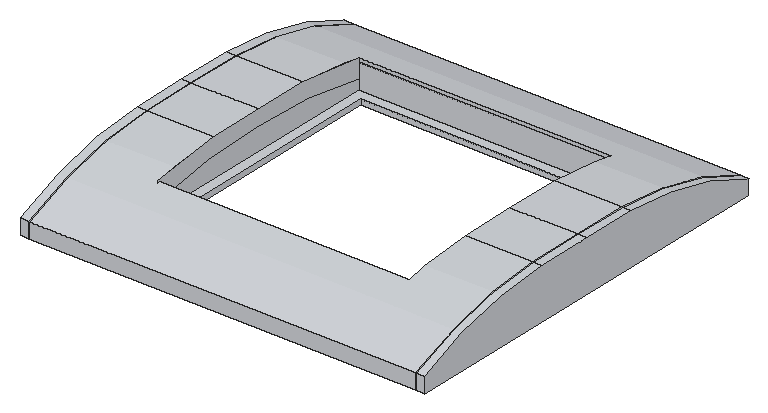
Revit family "Gira_0211776", category Electrical Fixtures, host Face, Revit 2017
Family settings
  Host = Face
  Maintain Annotation Orientation = No
  Round Connector Dimension = Use Diameter
  Part Type = Normal
  Cut with Voids When Loaded = No
  Shared = No
  Room Calculation Point = No
Parameters (values of type "Cov.fr. 1-g interm.fr. CAl Gira Event Clear sand")
  With mounting grid = "No"
  With hinged lid = "No"
  URL = "http://katalog.gira.de/en/datenblatt.html?artikelnr=0211776"
  Type of fastening = "Clamp mounting"
  Transparent = "No"
  Surface protection = "Other"
  Surface finishing = "Glossy"
  Suitable for wall duct = "No"
  Suitable for flush-mounted installation = "Yes"
  Suitable for floor box = "No"
  Suitable for built-in installation = "No"
  Number of units vertical = "1"
  Number of units horizontal = "1"
  Number of units = "1"
  Name = "Cov.fr. 1-g interm.fr. CAl Gira Event Clear sand"
  Mounting direction = "Horizontal and vertical"
  Material quality = "Thermoplastic"
  Material = "Plastic"
  Manufacturer URL = "https://www.gira.de/"
  Manufacturer = "Gira"
  Label space/information surface = "No"
  Keynote = ""
  HeinzeBIM = "https://bimportal.heinze.de/bim/cov-fr-1-g-interm-fr-cal-gira-event-clear-sand/8b583d1d6b46d16fd78e445f7182f01db4f3fb58"
  Halogen free = "Yes"
  HAN = "0211776"
  GTIN = "4010337069591"
  Description = "Cov.fr.1g i.fr.CAl EvCl SD,Gira Event Clear cover frame,sand with colour aluminium intermediate frame,1-gang,Features:,- Shatter-proof."
  Degree of protection (IP) = "IP20"
  Default Elevation = 1219.2 mm
  Data sheet (1) = "https://katalog.gira.de/en/download.html?artikelnr=0211776"
  Colour = "Other"
  Category = "Cover frame for domestic switching devices"
  BIM (1) = "https://media.stage.bim.site/public/gira/36a6b08/Event_Rahmen_1fach.rfa"
  Available = "No"
Reference planes
  plane 1 "Center (Front/Back)": y = 0
  plane 2: z = 0
  plane 3 "Center (Left/Right)": x = 0
Forms (mm)
  Extrusion 1, solid, detail levels fine
    sketch origin (0, 0, 1.55) x (0, 1, 0) y (0, 0, 1)
      loop
        arc (12.445, 9.683) -> (6.223, 9.833) -> (0, 9.85) r 291.636
        arc (0, 9.85) -> (-6.223, 9.833) -> (-12.445, 9.683) r 291.636
        arc (-12.445, 9.683) -> (-29.14, 7.482) -> (-45, 1.823) r 79.728
        line (-45, 1.823) -> (-45, -1.55) -> (-41.777, -1.55) -> (-41.777, -0.55)
        arc (-41.777, -0.55) -> (-21.205, 4.846) -> (0, 6.467) r 118.15
        arc (0, 6.467) -> (21.205, 4.846) -> (41.777, -0.55) r 118.15
        line (41.777, -0.55) -> (41.777, -1.55) -> (45, -1.55) -> (45, 1.823)
        arc (45, 1.823) -> (29.14, 7.482) -> (12.445, 9.683) r 79.728
    from -43 to 43
  Extrusion 2, void, detail levels fine
    sketch origin (0, 0, 0) x (1, 0, 0) y (0, 1, 0)
      loop
        line (-28, -28) -> (28, -28) -> (28, 28) -> (-28, 28) -> (-28, -28)
    from 2.85 to 12
  Extrusion 3, solid, detail levels coarse
    sketch origin (0, 0, 0) x (1, 0, 0) y (0, 1, 0)
      loop
        line (-45, 45) -> (-45, -45) -> (45, -45) -> (45, 45) -> (-45, 45)
    from 0 to 11.4
  Extrusion 4, solid, detail levels medium
    sketch origin (0, 0, 1.55) x (0, 1, 0) y (0, 0, 1)
      loop
        arc (12.445, 9.683) -> (6.223, 9.833) -> (0, 9.85) r 291.636
        arc (0, 9.85) -> (-6.223, 9.833) -> (-12.445, 9.683) r 291.636
        arc (-12.445, 9.683) -> (-29.14, 7.482) -> (-45, 1.823) r 79.728
        line (-45, 1.823) -> (-45, -1.55) -> (45, -1.55) -> (45, 1.823)
        arc (45, 1.823) -> (29.14, 7.482) -> (12.445, 9.683) r 79.728
    from -45 to 45
  Extrusion 5, solid, detail levels fine
    sketch origin (0, 0, 0) x (0, 1, 0) y (0, 0, 1)
      loop
        arc (45, 3.373) -> (29.14, 9.032) -> (12.445, 11.233) r 79.728
        arc (12.445, 11.233) -> (6.223, 11.383) -> (0, 11.4) r 291.636
        arc (0, 11.4) -> (-6.223, 11.383) -> (-12.445, 11.233) r 291.636
        arc (-12.445, 11.233) -> (-29.14, 9.032) -> (-45, 3.373) r 79.728
        line (-45, 3.373) -> (-45, 0) -> (45, 0) -> (45, 3.373)
    from 43 to 45
  Extrusion 6, solid, detail levels fine
    sketch origin (0, 0, 0) x (0, 1, 0) y (0, 0, -1)
      loop
        line (45, -3.373) -> (45, 0) -> (-45, 0) -> (-45, -3.373)
        arc (-45, -3.373) -> (-29.14, -9.032) -> (-12.445, -11.233) r 79.728
        arc (-12.445, -11.233) -> (-6.223, -11.383) -> (0, -11.4) r 291.636
        arc (0, -11.4) -> (6.223, -11.383) -> (12.445, -11.233) r 291.636
        arc (12.445, -11.233) -> (29.14, -9.032) -> (45, -3.373) r 79.728
    from 43 to 45
  Extrusion 7, solid, detail levels fine
    sketch origin (0, 0, 0) x (1, 0, 0) y (0, 1, 0)
      loop
        line (-25.7, 25.7) -> (-25.7, -25.7) -> (25.7, -25.7) -> (25.7, 25.7) -> (-25.7, 25.7)
      loop
        line (-29.495, 27.895) -> (-29.495, -27.895)
        spline (-29.495, -27.895) -> (-29.486, -28.025) -> (-29.461, -28.154) -> (-29.419, -28.278) -> (-29.361, -28.395) -> (-29.288, -28.504) -> (-29.202, -28.602) -> (-29.104, -28.688) -> (-28.995, -28.761) -> (-28.878, -28.819) -> (-28.754, -28.861) -> (-28.625, -28.886) -> (-28.495, -28.895)
        line (-28.495, -28.895) -> (28.495, -28.895)
        spline (28.495, -28.895) -> (28.625, -28.886) -> (28.754, -28.861) -> (28.878, -28.819) -> (28.995, -28.761) -> (29.104, -28.688) -> (29.202, -28.602) -> (29.288, -28.504) -> (29.361, -28.395) -> (29.419, -28.278) -> (29.461, -28.154) -> (29.486, -28.025) -> (29.495, -27.895)
        line (29.495, -27.895) -> (29.495, 27.895)
        spline (29.495, 27.895) -> (29.486, 28.025) -> (29.461, 28.154) -> (29.419, 28.278) -> (29.361, 28.395) -> (29.288, 28.504) -> (29.202, 28.602) -> (29.104, 28.688) -> (28.995, 28.761) -> (28.878, 28.819) -> (28.754, 28.861) -> (28.625, 28.886) -> (28.495, 28.895)
        line (28.495, 28.895) -> (-28.495, 28.895)
        spline (-28.495, 28.895) -> (-28.625, 28.886) -> (-28.754, 28.861) -> (-28.878, 28.819) -> (-28.995, 28.761) -> (-29.104, 28.688) -> (-29.202, 28.602) -> (-29.288, 28.504) -> (-29.361, 28.395) -> (-29.419, 28.278) -> (-29.461, 28.154) -> (-29.486, 28.025) -> (-29.495, 27.895)
    from 1.673 to 8.5
Cuts and joins
  Extrusion 2 cuts Extrusion 1
  Extrusion 2 cuts Extrusion 7
Dimensions and locks
  aligned and locked: plane 2 to host face
  aligned and locked: level to host face
